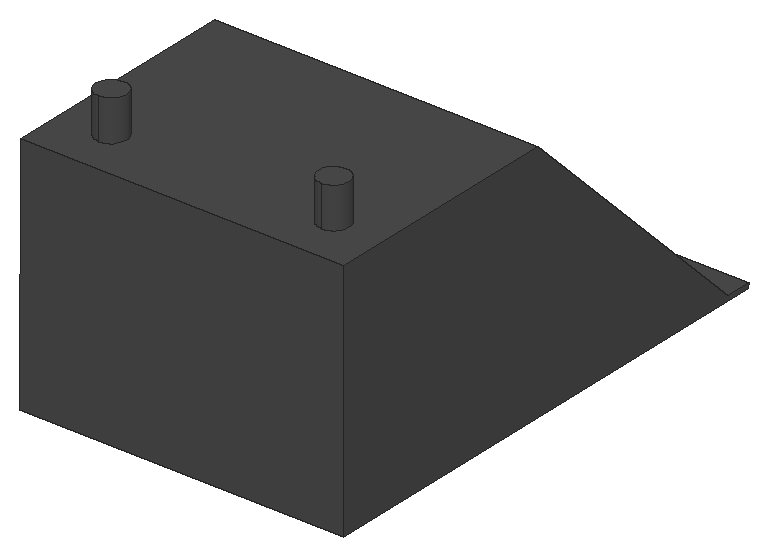
Revit family "BirdControl_Charger_BirdBGone_Solar", category Specialty Equipment, Revit 2016
Family settings
  Part Type = Normal
  Round Connector Dimension = Use Diameter
  OmniClass Number = 23.40.10.14.14.99
  OmniClass Title = Other Manufactured Exterior Specialties
  Work Plane-Based = Yes
  Always vertical = No
  Cut with Voids When Loaded = No
  Shared = No
  Room Calculation Point = No
Parameters (values of type "SCR740")
  offset [instance] = 0' - 0"
  Warranty Duration (Years) = 0
  Unit Width = 0' - 8"
  Unit Height = 1' - 0"
  Unit Depth = 0' - 6"
  URL = "http://www.birdbgone.com/"
  Test Data = "http://www.birdbgone.com/bird-control-product-msds"
  Specification = "http://www.arcat.com/sdspecs/htm/10290bir.htm"
  SpecWizard = ""
  Send Message = "http://www.arcat.com/users.pl?action=UserEmail&company=Bird-B-Gone,%20Inc.&coid=38371&rep=147&fax=949-472-3116&mf="
  Sales Information = "http://www.birdbgone.com/bird-control-store/"
  Revision = "R1_10-2010"
  Product Properties = "http://www.arcat.com/bim/bim_info.pl?fn=BirdBGone"
  Product Data = "http://www.arcat.com/arcatcos/cos38/arc38371.html"
  Model = "As Specified in 10 81 19"
  Material [instance] = Metal - Bird B Gone - Black
  Manufacturer Website = "http://www.birdbgone.com/"
  Manufacturer Phone - Toll Free = "800-392-6915"
  Manufacturer Phone = "949-472-3122"
  Manufacturer Fax = "949-472-3116"
  Manufacturer Address = "23918 Skyline, Mission Viejo, CA 92692"
  Manufacturer = "Bird-B-Gone, Inc."
  Maintenance Schedule (Months) = 0
  Keynote = "10 81 19"
  Installation-Fabrication = "http://www.birdbgone.com/installation-instructions"
  Installation Phase = ""
  Green Building-LEED = "http://www.arcat.com/green/clients/leed_data_38371.html"
  Expected Lifespan (Years) = 0
  Drawn By = "Robert S. Weygant, CSI, CDT, SCIP"
  Description = "Bird Control Equipment as Specified in 10 81 19"
  Default Elevation = 4' - 0"
  Copyright = "wt"
  Construction Details = "http://www.arcat.com/details/birdbgon/birdbgon.html?coid=38371"
  Building Codes = "http://www.birdbgone.com/knowledge-center/"
  Assembly Code = "E1090900"
Reference planes (in)
  plane 1 "Center (Front/Back)": y = 0
  plane 2 "Bottom": z = 0
  plane 3 "Center (Left/Right)": x = 0
  plane 4 "Top": z = 6
  plane 5: x = -4
  plane 6: x = 4
  plane 7: y = 6
  plane 8: y = -6
Forms (in)
  Extrusion 1, solid, material "Metal - Bird B Gone - Black" <- "Material", detail levels medium+fine
    sketch origin (0, 0, 0) x (0, 1, 0) y (0, 0, 1)
      loop
        line (5.875, 0.125) -> (0, 6) -> (-6, 6) -> (-6, 0) -> (6.5, 0) -> (6.5, 0.125) -> (5.875, 0.125)
    from -4 to 4
  Extrusion 2, solid, material "Metal - Bird B Gone - Black" <- "Material", detail levels medium+fine
    sketch origin (-1.25, 1.25, 6) x (0, -1, 0) y (1, 0, 0)
      loop
        circle (6, 4) r 0.375
    from 0 to 1
  Extrusion 3, solid, material "Metal - Bird B Gone - Black" <- "Material", detail levels medium+fine
    sketch origin (1.25, 1.25, 6) x (0, -1, 0) y (1, 0, 0)
      loop
        circle (6, -4) r 0.375
    from 0 to 1
Cuts and joins
  joined: Extrusion 1, Extrusion 2, Extrusion 3
Lines and regions (in)
  model lines, style "Bird Control", detail levels fine
    curve 1: line (3.5, 0.35355, 5.64645) -> (3.5, 5.52145, 0.47855)
    curve 2: line (-3.5, 0.35355, 5.64645) -> (3.5, 0.35355, 5.64645)
    curve 3: line (-3.5, 5.52145, 0.47855) -> (-3.5, 0.35355, 5.64645)
    curve 4: line (3.5, 5.52145, 0.47855) -> (-3.5, 5.52145, 0.47855)
    curve 5: line (1, -0.5, 6) -> (1, -1, 6)
    curve 6: line (-1, -0.5, 6) -> (1, -0.5, 6)
    curve 7: line (-1, -1, 6) -> (-1, -0.5, 6)
    curve 8: line (1, -1, 6) -> (-1, -1, 6)
    curve 9: circle (0, -4.75, 6) r 0.25 normal (0, 0, 1)
Dimensions and locks (in)
  "Unit Depth": plane 4 "Top" to level
  equal spacing: plane 5, plane 3 "Center (Left/Right)", plane 6
  "Unit Width": plane 5 to plane 6
  equal spacing: plane 7, plane 1 "Center (Front/Back)", plane 8
  "Unit Height": plane 7 to plane 8
  aligned and locked: Extrusion 1 to plane 5
  aligned and locked: Extrusion 1 to plane 6
Automatic sketch dimensions
  Extrusion 1 sketch curve to level = 0' - 0"
  Extrusion 1 sketch curve to plane 8 = 0' - 0"
  Extrusion 1 sketch curve to plane 1 "Center (Front/Back)" = 0' - 0"
  Extrusion 1 sketch curve to plane 4 "Top" = 0' - 0"
  Extrusion 1 sketch curve to plane 7 = 0' - 0 1/8"
  level to Extrusion 1 sketch curve = 0' - 0 1/8"
  plane 7 to Extrusion 1 sketch curve = 0' - 0 1/2"
  Extrusion 1 to curve 1 = 0' - 0 1/2"
  Extrusion 1 to curve 3 = 0' - 0 1/2"  (x2)
  Extrusion 1 to curve 2 = 0' - 0 1/2"
  Extrusion 2 sketch curve to Extrusion 1 = 0' - 1 1/4"
  Extrusion 1 to Extrusion 2 sketch curve = 0' - 1 1/4"
  Extrusion 3 sketch curve to Extrusion 1 = 0' - 1 1/4"
  Extrusion 1 to Extrusion 3 sketch curve = 0' - 1 1/4"
  curve 7 to Extrusion 1 = 0' - 0 1/2"
  curve 6 to curve 7 = 0' - 0 1/2"
  curve 9 to Extrusion 1 = 0' - 1 1/4"
  Extrusion 1 to curve 8 = 0' - 3"
  curve 7 to curve 9 = 0' - 1"
  curve 7 to curve 8 = 0' - 2"
  radius of Extrusion 2 sketch curve = 0' - 0 3/8"
  radius of Extrusion 3 sketch curve = 0' - 0 3/8"
  radius of curve 9 = 0' - 0 1/4"
